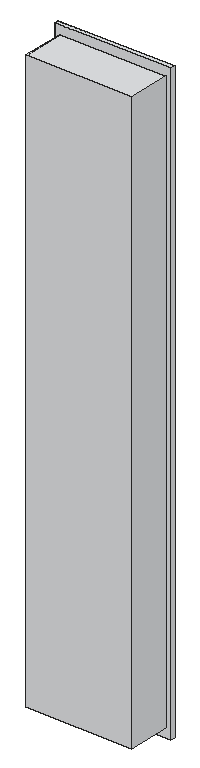
Revit family "21 L Stainless Steel Recessed Panel With Waste Bin_IN", category Generic Models, host Wall, Revit 2017
Family settings
  Host = Wall
  Can host rebar = No
  Round Connector Dimension = Use Diameter
  Part Type = Normal
  Always vertical = Yes
  Cut with Voids When Loaded = No
  Shared = No
  Room Calculation Point = No
Parameters (values of type "Type 1")
  Website = "https://dolphy.in/"  # constant formula
  Contact number = "+91 9520202035"  # constant formula
  Contact email = "info@dolphy.in"  # constant formula
  Company name = "Dolphy India"  # constant formula
Reference planes
  plane 1 "Wall": y = 0
  plane 2 "Center (Left/Right)": x = 125
  plane 3 "Back": y = 75
Forms (mm)
  Extrusion 1, void
    sketch origin (0, 0, 0) x (1, 0, 0) y (0, 0, 1)
      loop
        line (273.795, 1675) -> (-26.205, 1675) -> (-26.205, 25) -> (273.795, 25) -> (273.795, 1675)
    from -75 to 45
Text (mm)
  text "Placement Side" at (-1848.837, 1116.779, 0), in view "Ref. Level"
  text "Placement side" at (0, 1409.804, 2854.306), in view "Left"
  text "Placement side" at (0, 499.811, 2980.732), in view "Right"
Dimensions and locks
  locked: plane 3 "Back" to host wall
  level to Extrusion 1 = 1675 mm
  aligned and locked: plane 1 "Wall" to host wall
  aligned and locked: nested 1 to plane 2 "Center (Left/Right)"
  aligned and locked: nested 1 to plane 3 "Back"
  aligned and locked: host wall to Extrusion 1
  aligned and locked: nested 1 to Extrusion 1
  aligned and locked: Extrusion 1 to nested 1  (x4)
Nested families
  nested 1: "21 L Stainless Steel Recessed Panel With Waste Bin_IN" at (125, 75, 0) x (-1, 0, 0) z (0, 0, 1), type "21 L Stainless Steel Recessed Panel With Waste Bin_IN"
Definition of nested family "21 L Stainless Steel Recessed Panel With Waste Bin_IN"
  Parameters (values of type "21 L Stainless Steel Recessed Panel With Waste Bin_IN")
    Website = "https://dolphy.in/"  # constant formula
    M&L = none
    Default Elevation = 1219.2 mm
    Contact number = "+91 9520202035"  # constant formula
    Contact email = "info@dolphy.in"  # constant formula
    Company = "Dolphy India"  # constant formula
  Reference planes
    plane 1 "Center (Front/Back)": y = 0
    plane 2: z = 0
    plane 3 "Center (Left/Right)": x = 0
    plane 4: z = 728.81
    plane 5: x = 0
  Forms (mm)
    Sweep 1, solid, material <- "M&L"
      path in 3D
        loop
          line (137.468, 0, 1425) -> (-142.532, 0, 1425)
      profile origin (-2.532, 0, 1425) x (0, 1, 0) y (0, 0, -1)
        loop
          line (0, 0) -> (1.274, -2.22) -> (54.352, 50.859) -> (52.606, 52.606) -> (0, 0)
    Extrusion 2, void
      sketch origin (137.468, 54.352, 1374.141) x (1, 0, 0) y (0, -0.707107, 0.707107)
        loop
          line (-22.656, 45.406) -> (-50.305, 45.406)
          arc (-50.305, 45.406) -> (-66.177, 46.65) -> (-81.662, 50.351) r 101.901
          arc (-81.662, 50.351) -> (-122.67, 57.385) -> (-163.997, 52.571) r 146.059
          arc (-163.997, 52.571) -> (-191.285, 47.205) -> (-219.037, 45.406) r 215
          line (-219.037, 45.406) -> (-230.557, 45.406)
          arc (-230.557, 45.406) -> (-233.057, 42.906) -> (-230.557, 40.406) r 2.5
          line (-230.557, 40.406) -> (-196.933, 40.406)
          arc (-196.933, 40.406) -> (-185.814, 39.717) -> (-174.866, 37.659) r 90
          arc (-174.866, 37.659) -> (-131.214, 31.705) -> (-87.331, 35.61) r 196.825
          arc (-87.331, 35.61) -> (-63.655, 39.204) -> (-39.737, 40.406) r 238.509
          line (-39.737, 40.406) -> (-22.656, 40.406)
          arc (-22.656, 40.406) -> (-20.156, 42.906) -> (-22.656, 45.406) r 2.5
      from 0 to 250
    Extrusion 3, solid, material <- "M&L"
      sketch origin (-163.795, 0, 0) x (-1, 0, 0) y (0, 0, 1)
        loop
          line (-305, 1526.936) -> (-305, 1236.159) -> (-25, 1236.159) -> (-25, 1526.936) -> (-305, 1526.936)
        loop
          line (-304.2, 1526.159) -> (-304.2, 1237.315) -> (-25.8, 1237.315) -> (-25.8, 1526.159) -> (-304.2, 1526.159)
      from 2.46 to 110
    Extrusion 4, solid, material <- "M&L"
      sketch origin (-163.795, 110, 0) x (-1, 0, 0) y (0, 0, 1)
        loop
          line (-25, 1526.936) -> (-305, 1526.936) -> (-305, 1236.159) -> (-25, 1236.159) -> (-25, 1526.936)
      from 0 to 0.8
    Extrusion 5, solid, material <- "M&L"
      sketch origin (-163.795, -11.2, 0) x (1, 0, 0) y (0, 0, 1)
        loop
          line (0, 0) -> (330, 0) -> (330, 1700) -> (0, 1700) -> (0, 0)
      from 0 to 1.2
    Extrusion 6, solid, material <- "M&L"
      sketch origin (-163.795, -11.2, 0) x (-1, 0, 0) y (0, 0, 1)
        loop
          line (0, 1700) -> (-330, 1700) -> (-330, 0) -> (0, 0) -> (0, 1700)
        loop
          line (-1.2, 1698.8) -> (-328.8, 1698.8) -> (-328.8, 1.2) -> (-1.2, 1.2) -> (-1.2, 1698.8)
      from 0 to 10
    Extrusion 7, solid, material <- "M&L"
      sketch origin (-163.795, -1.2, 0) x (-1, 0, 0) y (0, 0, 1)
        loop
          line (0, 1700) -> (-330, 1700) -> (-330, 0) -> (0, 0) -> (0, 1700)
        loop
          line (-315, 1675) -> (-315, 25) -> (-15, 25) -> (-15, 1675) -> (-315, 1675)
      from 0 to 1.2
    Extrusion 8, void
      sketch origin (-163.795, -12.4, 0) x (-1, 0, 0) y (0, 0, 1)
        loop
          line (-55, 1425) -> (-275, 1425)
          arc (-275, 1425) -> (-282.071, 1422.071) -> (-285, 1415) r 10
          line (-285, 1415) -> (-285, 1285)
          arc (-285, 1285) -> (-282.071, 1277.929) -> (-275, 1275) r 10
          line (-275, 1275) -> (-55, 1275)
          arc (-55, 1275) -> (-47.929, 1277.929) -> (-45, 1285) r 10
          line (-45, 1285) -> (-45, 1415)
          arc (-45, 1415) -> (-47.929, 1422.071) -> (-55, 1425) r 10
        loop
          line (-55, 900) -> (-275, 900)
          arc (-275, 900) -> (-282.071, 897.071) -> (-285, 890) r 10
          line (-285, 890) -> (-285, 760)
          arc (-285, 760) -> (-282.071, 752.929) -> (-275, 750) r 10
          line (-275, 750) -> (-55, 750)
          arc (-55, 750) -> (-47.929, 752.929) -> (-45, 760) r 10
          line (-45, 760) -> (-45, 890)
          arc (-45, 890) -> (-47.929, 897.071) -> (-55, 900) r 10
        loop
          line (-55, 650) -> (-275, 650)
          arc (-275, 650) -> (-282.071, 647.071) -> (-285, 640) r 10
          line (-285, 640) -> (-285, 510)
          arc (-285, 510) -> (-282.071, 502.929) -> (-275, 500) r 10
          line (-275, 500) -> (-55, 500)
          arc (-55, 500) -> (-47.929, 502.929) -> (-45, 510) r 10
          line (-45, 510) -> (-45, 640)
          arc (-45, 640) -> (-47.929, 647.071) -> (-55, 650) r 10
      from 0 to 1.2
    Sweep 9, solid, material <- "M&L"
      path in 3D
        loop
          arc (-108.795, -11.2, 650) -> (-115.867, -11.2, 647.071) -> (-118.795, -11.2, 640) r 10
          line (-118.795, -11.2, 640) -> (-118.795, -11.2, 510)
          arc (-118.795, -11.2, 510) -> (-115.867, -11.2, 502.929) -> (-108.795, -11.2, 500) r 10
          line (-108.795, -11.2, 500) -> (111.205, -11.2, 500)
          arc (111.205, -11.2, 500) -> (118.276, -11.2, 502.929) -> (121.205, -11.2, 510) r 10
          line (121.205, -11.2, 510) -> (121.205, -11.2, 640)
          arc (121.205, -11.2, 640) -> (118.276, -11.2, 647.071) -> (111.205, -11.2, 650) r 10
          line (111.205, -11.2, 650) -> (-108.795, -11.2, 650)
      profile origin (1.205, -11.2, 650) x (0, 1, 0) y (0, 0, -1)
        loop
          line (0, 0) -> (0, -0.975) -> (2.46, -0.975) -> (2.46, 0) -> (0, 0)
    Extrusion 10, solid, material <- "M&L"
      sketch origin (-163.795, -11.2, 0) x (-1, 0, 0) y (0, 0, 1)
        loop
          line (-305, 670) -> (-305, 55.978) -> (-25, 55.978) -> (-25, 670) -> (-305, 670)
        loop
          line (-304.2, 669.2) -> (-304.2, 56.778) -> (-25.8, 56.778) -> (-25.8, 669.2) -> (-304.2, 669.2)
      from 15.375 to 110
    Extrusion 11, solid, material <- "M&L"
      sketch origin (-163.795, 98.8, 0) x (-1, 0, 0) y (0, 0, 1)
        loop
          line (-25, 670) -> (-305, 670) -> (-305, 55.978) -> (-25, 55.978) -> (-25, 670)
      from 0 to 0.8
    Sweep 12, solid, material <- "M&L"
      path in 3D
        loop
          arc (121.205, -11.2, 890) -> (118.276, -11.2, 897.071) -> (111.205, -11.2, 900) r 10
          line (111.205, -11.2, 900) -> (-108.795, -11.2, 900)
          arc (-108.795, -11.2, 900) -> (-115.867, -11.2, 897.071) -> (-118.795, -11.2, 890) r 10
          line (-118.795, -11.2, 890) -> (-118.795, -11.2, 760)
          arc (-118.795, -11.2, 760) -> (-115.867, -11.2, 752.929) -> (-108.795, -11.2, 750) r 10
          line (-108.795, -11.2, 750) -> (111.205, -11.2, 750)
          arc (111.205, -11.2, 750) -> (118.276, -11.2, 752.929) -> (121.205, -11.2, 760) r 10
          line (121.205, -11.2, 760) -> (121.205, -11.2, 890)
      profile origin (121.205, -11.2, 825) x (0, 1, 0) y (-1, 0, 0)
        loop
          line (0, 0) -> (0, -1.19) -> (2.375, -1.19) -> (2.375, 0) -> (0, 0)
    Extrusion 13, solid, material <- "M&L"
      sketch origin (-163.795, -11.2, 0) x (-1, 0, 0) y (0, 0, 1)
        loop
          line (-305, 1000.846) -> (-305, 728.81) -> (-25, 728.81) -> (-25, 1000.846) -> (-305, 1000.846)
        loop
          line (-304.2, 1000.046) -> (-304.2, 729.61) -> (-25.8, 729.61) -> (-25.8, 1000.046) -> (-304.2, 1000.046)
      from 3.073 to 110
    Extrusion 14, solid, material <- "M&L"
      sketch origin (-108.795, -11.2, 500) x (1, 0, 0) y (0, 1, 0)
        loop
          line (247.085, 2.46) -> (247.085, 122.46) -> (-37.915, 122.46) -> (-37.915, 2.46) -> (247.085, 2.46)
        loop
          line (22.085, 85.375) -> (22.085, 15.375) -> (197.085, 15.375) -> (197.085, 85.375) -> (22.085, 85.375)
      from 0 to -2
    Sweep 15, solid, material <- "M&L"
      path origin (0, -10.875, -1.294) x (0, 1, 0) y (0, 0, 1)
        loop
          arc (110, 1000.046) -> (91.331, 859.373) -> (2.375, 748.81) r 263.357
      profile origin (0, 80.456, 858.08) x (0, 0.919208, -0.393772) y (1, 0, 0)
        loop
          line (0, -139.595) -> (1.2, -139.595) -> (1.2, 140.405) -> (0, 140.405) -> (0, -139.595)
    Extrusion 16, solid, material <- "M&L"
      sketch origin (-163.795, 0, 0) x (-1, 0, 0) y (0, 0, 1)
        loop
          line (-315, 25) -> (-15, 25) -> (-15, 1675) -> (-315, 1675) -> (-315, 25)
        loop
          line (-314.2, 25.8) -> (-15.8, 25.8) -> (-15.8, 1674.2) -> (-314.2, 1674.2) -> (-314.2, 25.8)
      from 0 to 120
    Extrusion 17, solid, material <- "M&L"
      sketch origin (-163.795, 120, 0) x (-1, 0, 0) y (0, 0, 1)
        loop
          line (-314.2, 1674.2) -> (-314.2, 25.8) -> (-15.8, 25.8) -> (-15.8, 1674.2) -> (-314.2, 1674.2)
      from 0 to -0.8
  Cuts and joins
    Extrusion 2 cuts Sweep 1
    Extrusion 8 cuts Extrusion 4
    Extrusion 8 cuts Sweep 9
    Extrusion 8 cuts Extrusion 11
    Extrusion 8 cuts Sweep 12
    Extrusion 8 cuts Extrusion 14
    Extrusion 8 cuts Sweep 15
    Extrusion 8 cuts Extrusion 5
    joined: Extrusion 5, Extrusion 6, Extrusion 7
    joined: Extrusion 16, Extrusion 17
  Lines and regions (mm)
    sketch lines
      curve 1: line (137.468, 0, 1425) -> (-142.532, 0, 1425)
      curve 2: line (111.205, -11.2, 650) -> (-108.795, -11.2, 650)
      curve 3: arc (111.205, -11.2, 650) -> (118.276, -11.2, 647.071) -> (121.205, -11.2, 640) r 10
      curve 4: line (121.205, -11.2, 510) -> (121.205, -11.2, 640)
      curve 5: arc (121.205, -11.2, 510) -> (118.276, -11.2, 502.929) -> (111.205, -11.2, 500) r 10
      curve 6: line (-108.795, -11.2, 500) -> (111.205, -11.2, 500)
      curve 7: arc (-108.795, -11.2, 500) -> (-115.867, -11.2, 502.929) -> (-118.795, -11.2, 510) r 10
      curve 8: line (-118.795, -11.2, 640) -> (-118.795, -11.2, 510)
      curve 9: arc (-118.795, -11.2, 640) -> (-115.867, -11.2, 647.071) -> (-108.795, -11.2, 650) r 10
      curve 10: line (121.205, -11.2, 760) -> (121.205, -11.2, 890)
      curve 11: arc (121.205, -11.2, 760) -> (118.276, -11.2, 752.929) -> (111.205, -11.2, 750) r 10
      curve 12: line (-108.795, -11.2, 750) -> (111.205, -11.2, 750)
      curve 13: arc (-108.795, -11.2, 750) -> (-115.867, -11.2, 752.929) -> (-118.795, -11.2, 760) r 10
      curve 14: line (-118.795, -11.2, 890) -> (-118.795, -11.2, 760)
      curve 15: arc (-118.795, -11.2, 890) -> (-115.867, -11.2, 897.071) -> (-108.795, -11.2, 900) r 10
      curve 16: line (111.205, -11.2, 900) -> (-108.795, -11.2, 900)
      curve 17: arc (111.205, -11.2, 900) -> (118.276, -11.2, 897.071) -> (121.205, -11.2, 890) r 10
  Dimensions and locks
    Extrusion 2 sketch curve to Sweep 1 = 20.156 mm
    Sweep 1 to Extrusion 2 sketch curve = 42.906 mm
    Extrusion 5 sketch curve to Extrusion 5 sketch curve = 330 mm
    Extrusion 5 sketch curve to Extrusion 5 sketch curve = 1700 mm
    Extrusion 8 sketch curve to Extrusion 8 sketch curve = 240 mm  (x3)
    Extrusion 8 sketch curve to Extrusion 8 sketch curve = 150 mm  (x3)
    Extrusion 6 to Extrusion 8 sketch curve = 500 mm
    Extrusion 8 sketch curve to Extrusion 8 sketch curve = 100 mm
    Extrusion 8 sketch curve to Extrusion 8 sketch curve = 375 mm
    Extrusion 6 to Extrusion 8 sketch curve = 45 mm  (x3)
    Extrusion 5 to Extrusion 8 sketch curve = 45 mm  (x3)
    Sweep 9 sketch curve to Sweep 9 sketch curve = 0.975 mm
    Extrusion 10 sketch curve to Extrusion 7 = 25 mm
    Extrusion 7 to Extrusion 10 sketch curve = 25 mm
    Extrusion 10 sketch curve to Extrusion 11 = 0.8 mm  (x2)
    Extrusion 13 sketch curve to Extrusion 7 = 25 mm  (x2)
    Sweep 12 to Extrusion 13 sketch curve = 99.656 mm
    Extrusion 13 sketch curve to Sweep 12 = 20 mm
    Extrusion 14 sketch curve to Extrusion 14 sketch curve = 60 mm
    Extrusion 14 sketch curve to Extrusion 14 sketch curve = 50 mm
    Sweep 15 sketch curve to Sweep 15 sketch curve = 1.2 mm
    Extrusion 17 to cut or joined group of Extrusion 5, Extrusion 6, Extrusion 7, Extrusion 8 = 120 mm
    Extrusion 16 to Extrusion 16 = 1650 mm
    Extrusion 16 to cut or joined group of Extrusion 5, Extrusion 6, Extrusion 7, Extrusion 8 = 120 mm
    cut or joined group of Extrusion 5, Extrusion 6, Extrusion 7, Extrusion 8 to cut or joined group of Extrusion 5, Extrusion 6, Extrusion 7, Extrusion 8 = 1700 mm
    angle Sweep 1 sketch curve to profile plane = 45.00°
    aligned and locked: level to plane 2
    aligned and locked: Extrusion 6 sketch curve to Extrusion 5
